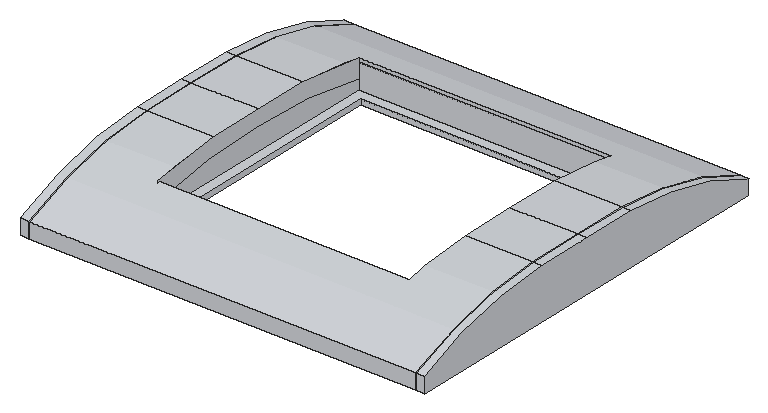
Revit family "Gira_021124", category Electrical Fixtures, host Face, Revit 2017
Family settings
  Host = Face
  Maintain Annotation Orientation = No
  Round Connector Dimension = Use Diameter
  Part Type = Normal
  Cut with Voids When Loaded = No
  Shared = No
  Room Calculation Point = No
Parameters (values of type "Abdeckrahmen 1f Zwischenr. AN Gira Event Opak Weiß")
  Werkstoffgüte = "Thermoplast"
  Werkstoff = "Kunststoff"
  URL = "http://katalog.gira.de/de_DE/datenblatt.html?artikelnr=021124"
  Transparent = "No"
  Textfeld/Beschriftungsfläche = "No"
  Schutzart (IP) = "IP20"
  Region = "DE"
  Oberfläche = "sonstige"
  Name = "Abdeckrahmen 1f Zwischenr. AN Gira Event Opak Weiß"
  Montagerichtung = "horizontal und vertikal"
  Mit Montagerahmen = "No"
  Mit Klappdeckel = "No"
  Manufacturer URL = "https://www.gira.de/"
  Keynote = "Event_Rahmen_1fach"
  HeinzeBIM = "https://bimportal.heinze.de/bim/abdeckrahmen-1f-zwischenr-an-gira-event-opak-weiss/1d520d96976ea365bcd4a8c3d065f99b5e0f8575"
  Halogenfrei = "Yes"
  HAN = "021124"
  Geeignet für Unterputz-Installation = "Yes"
  Geeignet für Unterflurkanaldose = "No"
  Geeignet für Geräteeinbaukanal = "No"
  Geeignet für Einbauinstallation = "No"
  GTIN = "4010337211242"
  Farbe = "weiß"
  Default Elevation = 1219.2 mm
  Data sheet (1) = "https://katalog.gira.de/de_DE/download.html?artikelnr=021124"
  Category = "Abdeckrahmen"
  Befestigungsart = "Klemmbefestigung"
  Available = "Yes"
  Anzahl der Einheiten vertikal = "1 "
  Anzahl der Einheiten horizontal = "1 "
  Anzahl der Einheiten = "1 "
Reference planes
  plane 1 "Center (Front/Back)": y = 0
  plane 2: z = 0
  plane 3 "Center (Left/Right)": x = 0
Forms (mm)
  Extrusion 1, solid, detail levels fine
    sketch origin (0, 0, 1.55) x (0, 1, 0) y (0, 0, 1)
      loop
        arc (12.445, 9.683) -> (6.223, 9.833) -> (0, 9.85) r 291.636
        arc (0, 9.85) -> (-6.223, 9.833) -> (-12.445, 9.683) r 291.636
        arc (-12.445, 9.683) -> (-29.14, 7.482) -> (-45, 1.823) r 79.728
        line (-45, 1.823) -> (-45, -1.55) -> (-41.777, -1.55) -> (-41.777, -0.55)
        arc (-41.777, -0.55) -> (-21.205, 4.846) -> (0, 6.467) r 118.15
        arc (0, 6.467) -> (21.205, 4.846) -> (41.777, -0.55) r 118.15
        line (41.777, -0.55) -> (41.777, -1.55) -> (45, -1.55) -> (45, 1.823)
        arc (45, 1.823) -> (29.14, 7.482) -> (12.445, 9.683) r 79.728
    from -43 to 43
  Extrusion 2, void, detail levels fine
    sketch origin (0, 0, 0) x (1, 0, 0) y (0, 1, 0)
      loop
        line (-28, -28) -> (28, -28) -> (28, 28) -> (-28, 28) -> (-28, -28)
    from 2.85 to 12
  Extrusion 3, solid, detail levels coarse
    sketch origin (0, 0, 0) x (1, 0, 0) y (0, 1, 0)
      loop
        line (-45, 45) -> (-45, -45) -> (45, -45) -> (45, 45) -> (-45, 45)
    from 0 to 11.4
  Extrusion 4, solid, detail levels medium
    sketch origin (0, 0, 1.55) x (0, 1, 0) y (0, 0, 1)
      loop
        arc (12.445, 9.683) -> (6.223, 9.833) -> (0, 9.85) r 291.636
        arc (0, 9.85) -> (-6.223, 9.833) -> (-12.445, 9.683) r 291.636
        arc (-12.445, 9.683) -> (-29.14, 7.482) -> (-45, 1.823) r 79.728
        line (-45, 1.823) -> (-45, -1.55) -> (45, -1.55) -> (45, 1.823)
        arc (45, 1.823) -> (29.14, 7.482) -> (12.445, 9.683) r 79.728
    from -45 to 45
  Extrusion 5, solid, detail levels fine
    sketch origin (0, 0, 0) x (0, 1, 0) y (0, 0, 1)
      loop
        arc (45, 3.373) -> (29.14, 9.032) -> (12.445, 11.233) r 79.728
        arc (12.445, 11.233) -> (6.223, 11.383) -> (0, 11.4) r 291.636
        arc (0, 11.4) -> (-6.223, 11.383) -> (-12.445, 11.233) r 291.636
        arc (-12.445, 11.233) -> (-29.14, 9.032) -> (-45, 3.373) r 79.728
        line (-45, 3.373) -> (-45, 0) -> (45, 0) -> (45, 3.373)
    from 43 to 45
  Extrusion 6, solid, detail levels fine
    sketch origin (0, 0, 0) x (0, 1, 0) y (0, 0, -1)
      loop
        line (45, -3.373) -> (45, 0) -> (-45, 0) -> (-45, -3.373)
        arc (-45, -3.373) -> (-29.14, -9.032) -> (-12.445, -11.233) r 79.728
        arc (-12.445, -11.233) -> (-6.223, -11.383) -> (0, -11.4) r 291.636
        arc (0, -11.4) -> (6.223, -11.383) -> (12.445, -11.233) r 291.636
        arc (12.445, -11.233) -> (29.14, -9.032) -> (45, -3.373) r 79.728
    from 43 to 45
  Extrusion 7, solid, detail levels fine
    sketch origin (0, 0, 0) x (1, 0, 0) y (0, 1, 0)
      loop
        line (-25.7, 25.7) -> (-25.7, -25.7) -> (25.7, -25.7) -> (25.7, 25.7) -> (-25.7, 25.7)
      loop
        line (-29.495, 27.895) -> (-29.495, -27.895)
        spline (-29.495, -27.895) -> (-29.486, -28.025) -> (-29.461, -28.154) -> (-29.419, -28.278) -> (-29.361, -28.395) -> (-29.288, -28.504) -> (-29.202, -28.602) -> (-29.104, -28.688) -> (-28.995, -28.761) -> (-28.878, -28.819) -> (-28.754, -28.861) -> (-28.625, -28.886) -> (-28.495, -28.895)
        line (-28.495, -28.895) -> (28.495, -28.895)
        spline (28.495, -28.895) -> (28.625, -28.886) -> (28.754, -28.861) -> (28.878, -28.819) -> (28.995, -28.761) -> (29.104, -28.688) -> (29.202, -28.602) -> (29.288, -28.504) -> (29.361, -28.395) -> (29.419, -28.278) -> (29.461, -28.154) -> (29.486, -28.025) -> (29.495, -27.895)
        line (29.495, -27.895) -> (29.495, 27.895)
        spline (29.495, 27.895) -> (29.486, 28.025) -> (29.461, 28.154) -> (29.419, 28.278) -> (29.361, 28.395) -> (29.288, 28.504) -> (29.202, 28.602) -> (29.104, 28.688) -> (28.995, 28.761) -> (28.878, 28.819) -> (28.754, 28.861) -> (28.625, 28.886) -> (28.495, 28.895)
        line (28.495, 28.895) -> (-28.495, 28.895)
        spline (-28.495, 28.895) -> (-28.625, 28.886) -> (-28.754, 28.861) -> (-28.878, 28.819) -> (-28.995, 28.761) -> (-29.104, 28.688) -> (-29.202, 28.602) -> (-29.288, 28.504) -> (-29.361, 28.395) -> (-29.419, 28.278) -> (-29.461, 28.154) -> (-29.486, 28.025) -> (-29.495, 27.895)
    from 1.673 to 8.5
Cuts and joins
  Extrusion 2 cuts Extrusion 1
  Extrusion 2 cuts Extrusion 7
Dimensions and locks
  aligned and locked: plane 2 to host face
  aligned and locked: level to host face
